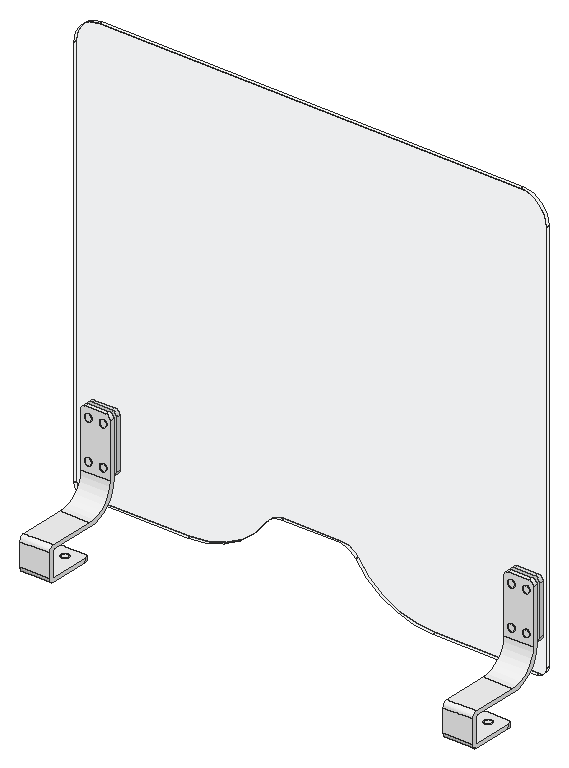
Revit family "Clarus_beShield_Clamp Legs_R19", category Furniture, host Face, Revit 2019
Family settings
  Host = Face
  Cut with Voids When Loaded = No
  Shared = No
  Room Calculation Point = No
Parameters (values of type "48" x 44"")
  Window [instance] = yes
  Width = 48"
  URL = "https://www.clarus.com/"
  TRC Standards [instance] = "http://therevitcollection.com/news/trc-news-the-revit-collection-standards-explained/"
  Shield [instance] = not(Window)  # no
  Product URL = "https://www.clarus.com/be-shield/"
  More Revit Families! [instance] = "www.therevitcollection.com"
  Modeled By = "Commense Studio"  # constant formula
  Model = "be! Shield"  # constant formula
  Manufacturer = "Clarus"  # constant formula
  Leg Finish [instance] = Clarus White
  Glass Depth = 3/8"
  Clarus Glass [instance] = Glass
  Description = "be! Shield is elegantly engineered to add a seamless layer of non-porous, antimicrobial tempered glass to ensure the health and safety of patrons and employees. It’s the perfect solution for the collaborative needs of your workspace."  # constant formula
  Height = 44"
  Designer = ""
  Depth = 12"  # constant formula
  Default Elevation = 0"
  Assembly Code = ""
Types (7): name | Width | Leg Finish | Height
  (no name) | 48" | Clarus White | 44"
  36" x 24" | 36" | Clarus Black | 24"
  48" x 24" | 48" | Clarus White | 24"
  36" x 34" | 36" | Clarus White | 34"
  48" x 34" | 48" | Clarus Black | 34"
  36" x 44" | 36" | Clarus Black | 44"
  48" x 44" | 48" | Clarus White | 44"
Reference planes (in)
  plane 1 "Center (Front/Back)": y = 0
  plane 2: z = 0
  plane 3 "Center (Left/Right)": x = 0
  plane 4 "L": x = -24
  plane 5 "R": x = 24
  plane 6 "B": y = 0.1875
  plane 7 "F": y = -0.1875
  plane 8: z = 44
  plane 9: x = 12.5
  plane 10: x = -12.5
  plane 11: z = 5.25
  plane 12: x = -21.5
  plane 13: x = 21.5
Forms (in)
  Extrusion 1, solid, material "Glass" <- "Clarus Glass", visible <- "Window"
    sketch origin (0, 0, 0) x (1, 0, 0) y (0, 0, 1)
      loop
        arc (-21.375, 44) -> (-23.23116, 43.23116) -> (-24, 41.375) r 2.625
        line (-24, 41.375) -> (-24, 1.25)
        arc (-24, 1.25) -> (-23.70711, 0.54289) -> (-23, 0.25) r 1
        line (-23, 0.25) -> (-12.42908, 0.25)
        arc (-12.42908, 0.25) -> (-7.99968, 1.34581) -> (-4.59213, 4.38043) r 9.5
        arc (-4.59213, 4.38043) -> (-3.87475, 5.0193) -> (-2.94225, 5.25) r 2
        line (-2.94225, 5.25) -> (2.94225, 5.25)
        arc (2.94225, 5.25) -> (3.87475, 5.0193) -> (4.59213, 4.38043) r 2
        arc (4.59213, 4.38043) -> (7.99968, 1.34581) -> (12.42908, 0.25) r 9.5
        line (12.42908, 0.25) -> (23, 0.25)
        arc (23, 0.25) -> (23.70711, 0.54289) -> (24, 1.25) r 1
        line (24, 1.25) -> (24, 41.375)
        arc (24, 41.375) -> (23.23116, 43.23116) -> (21.375, 44) r 2.625
        line (21.375, 44) -> (-21.375, 44)
    from -0.1875 to 0.1875
  Extrusion 2, solid, material "Glass" <- "Clarus Glass", visible <- "Shield"
    sketch origin (0, 0, 0) x (1, 0, 0) y (0, 0, 1)
      loop
        arc (-21.375, 44) -> (-23.23116, 43.23116) -> (-24, 41.375) r 2.625
        line (-24, 41.375) -> (-24, 1.25)
        arc (-24, 1.25) -> (-23.70711, 0.54289) -> (-23, 0.25) r 1
        line (-23, 0.25) -> (23, 0.25)
        arc (23, 0.25) -> (23.70711, 0.54289) -> (24, 1.25) r 1
        line (24, 1.25) -> (24, 41.375)
        arc (24, 41.375) -> (23.23116, 43.23116) -> (21.375, 44) r 2.625
        line (21.375, 44) -> (-21.375, 44)
    from -0.1875 to 0.1875
Dimensions and locks (in)
  equal spacing: plane 4 "L", plane 3 "Center (Left/Right)", plane 5 "R"
  "Width": plane 4 "L" to plane 5 "R"
  equal spacing: plane 7 "F", plane 1 "Center (Front/Back)", plane 6 "B"
  "Glass Depth": plane 7 "F" to plane 6 "B"
  "Height": plane 8 to level
  plane 10 to plane 3 "Center (Left/Right)" to plane 9 = 12 1/2", 12 1/2"
  plane 11 to level = 5 1/4"
  locked: plane 4 "L" to plane 12 at 2.5
  locked: plane 13 to plane 5 "R" at 2.5
  aligned and locked: plane 2 to host face
  aligned and locked: level to host face
  aligned and locked: Extrusion 1 sketch curve to plane 11
  aligned and locked: Extrusion 1 to plane 6 "B"
  aligned and locked: plane 7 "F" to Extrusion 1
  aligned and locked: nested 1 to plane 12
  aligned and locked: plane 13 to nested 2
  aligned and locked: plane 4 "L" to Extrusion 2 sketch curve
  aligned and locked: Extrusion 2 sketch curve to plane 5 "R"
  aligned and locked: Extrusion 2 sketch curve to plane 8
Automatic sketch dimensions
  host sketch curve to host sketch curve = 96"  (x2)
  Extrusion 1 sketch curve to plane 4 "L" = 0"
  Extrusion 1 sketch curve to plane 8 = 0"
  Extrusion 1 sketch curve to plane 5 "R" = 0"
  level to Extrusion 1 sketch curve = 1/4"  (x2)
  plane 4 "L" to Extrusion 1 sketch curve = 1"
  plane 4 "L" to Extrusion 1 sketch curve = 2 5/8"
  Extrusion 1 sketch curve to plane 3 "Center (Left/Right)" = 2.94225"
  plane 3 "Center (Left/Right)" to Extrusion 1 sketch curve = 2.94225"
  Extrusion 1 sketch curve to plane 9 = 0.07092"
  Extrusion 1 sketch curve to Extrusion 1 sketch curve = 2 5/8"
  Extrusion 1 sketch curve to plane 5 "R" = 1"
  Extrusion 1 sketch curve to plane 11 = 2"  (x2)
  plane 11 to Extrusion 1 sketch curve = 4 1/2"  (x2)
  Extrusion 1 sketch curve to plane 10 = 0.07092"
  level to Extrusion 2 sketch curve = 1/4"
  plane 4 "L" to Extrusion 2 sketch curve = 1"
  Extrusion 2 sketch curve to plane 12 = 1/8"
  Extrusion 2 sketch curve to plane 13 = 1/8"
  Extrusion 2 sketch curve to Extrusion 2 sketch curve = 1"
Nested families (in)
  nested 1: "Clarus_beShield_Clamp_R18" at (-21.5, 0.5625, 0), Core Finish <- "Leg Finish", type "Clamp"
    with TRC Standards "http://therevitcollection.com/news/trc-news-the-revit-collection-standards-explained/", More Revit Families! "www.therevitcollection.com", Core Finish Clarus White
  nested 2: "Clarus_beShield_Clamp_R18" at (21.5, 0.5625, 0), Core Finish <- "Leg Finish", type "Clamp"
    with TRC Standards "http://therevitcollection.com/news/trc-news-the-revit-collection-standards-explained/", More Revit Families! "www.therevitcollection.com", Core Finish Clarus White
Definition of nested family "Clarus_beShield_Clamp_R18"
  Parameters (values of type "Clamp")
    Width = 3"  # constant formula
    URL = "https://www.clarus.com/"
    TRC Standards [instance] = "http://therevitcollection.com/news/trc-news-the-revit-collection-standards-explained/"
    Product URL = "https://www.clarus.com/be-shield/"
    More Revit Families! [instance] = "www.therevitcollection.com"
    Modeled By = "Commense Studio"  # constant formula
    Model = "be! Shield"  # constant formula
    Manufacturer = "Clarus"  # constant formula
    Core Finish [instance] = none
    Description = "be! Shield Leg Configs"  # constant formula
    Height = 9"  # constant formula
    Designer = ""
    Depth = 8 7/8"  # constant formula
    Default Elevation = 0"
    Assembly Code = ""
  Reference planes (in)
    plane 1 "Center (Front/Back)": y = 0
    plane 2: z = 0
    plane 3 "Center (Left/Right)": x = 0
    plane 4 "L": x = -1.5
    plane 5 "R": x = 1.5
    plane 6 "F": y = -8.875
    plane 7: z = 9
    plane 8: y = -0.375
    plane 9: y = -0.75
    plane 10: y = -1.125
  Forms (in)
    Extrusion 1, solid
      sketch origin (0, 0, 0) x (1, 0, 0) y (0, 1, 0)
        loop
          line (-48, 48) -> (-48, -48) -> (48, -48) -> (48, 48) -> (-48, 48)
      from 0 to -12
    Extrusion 2, solid, material <- "Core Finish"
      sketch origin (10.61611, 0, 0) x (0, 0, 1) y (0, -1, 0)
        loop
          line (0.375, 3.75) -> (0.375, 8.375)
          arc (0.375, 8.375) -> (0.22855, 8.72855) -> (-0.125, 8.875) r 0.5
          line (-0.125, 8.875) -> (-2.475, 8.875)
          arc (-2.475, 8.875) -> (-2.82856, 8.72855) -> (-2.97501, 8.375) r 0.5
          line (-2.97501, 8.375) -> (-2.97501, 3.86516) -> (-2.6, 3.86516) -> (-2.6, 8.375)
          arc (-2.6, 8.375) -> (-2.56339, 8.46339) -> (-2.475, 8.5) r 0.125
          line (-2.475, 8.5) -> (-0.125, 8.5)
          arc (-0.125, 8.5) -> (-0.03661, 8.46339) -> (0, 8.375) r 0.125
          line (0, 8.375) -> (0, 3.75)
          arc (0, 3.75) -> (0.87868, 1.62868) -> (3, 0.75) r 3
          line (3, 0.75) -> (3, 1.125)
          arc (3, 1.125) -> (1.14385, 1.89384) -> (0.375, 3.75) r 2.625
      from -12.11611 to -9.11611
    Extrusion 3, solid, material <- "Core Finish"
      sketch origin (0, 0, 0) x (1, 0, 0) y (0, 0, 1)
        loop
          arc (-1, 9) -> (-1.35355, 8.85355) -> (-1.5, 8.5) r 0.5
          line (-1.5, 8.5) -> (-1.5, 3.50001)
          arc (-1.5, 3.50001) -> (-1.35355, 3.14645) -> (-1, 3.00001) r 0.5
          line (-1, 3.00001) -> (1, 3.00001)
          arc (1, 3.00001) -> (1.35355, 3.14645) -> (1.5, 3.50001) r 0.5
          line (1.5, 3.50001) -> (1.5, 8.5)
          arc (1.5, 8.5) -> (1.35355, 8.85355) -> (1, 9) r 0.5
          line (1, 9) -> (-1, 9)
      from 0 to 0.375
    Extrusion 4, solid, material <- "Core Finish"
      sketch origin (0, -0.75984, 0) x (1, 0, 0) y (0, 0, 1)
        loop
          arc (-1, 9) -> (-1.35355, 8.85355) -> (-1.5, 8.5) r 0.5
          line (-1.5, 8.5) -> (-1.5, 3.00001) -> (1.5, 3.00001) -> (1.5, 8.5)
          arc (1.5, 8.5) -> (1.35355, 8.85355) -> (1, 9) r 0.5
          line (1, 9) -> (-1, 9)
      from -0.00984 to 0.36516
    Extrusion 5, void
      sketch origin (0, 0, 0) x (1, 0, 0) y (0, 0, 1)
        loop
          circle (-0.75197, 8.00344) r 0.37503
        loop
          circle (-0.75197, 8.00344) r 0.34378
        loop
          circle (0.75197, 8.00344) r 0.37503
        loop
          circle (0.75197, 8.00344) r 0.34378
        loop
          circle (-0.75197, 4.00344) r 0.37503
        loop
          circle (-0.75197, 4.00344) r 0.34378
        loop
          circle (0.75197, 4.00344) r 0.37503
        loop
          circle (0.75197, 4.00344) r 0.34378
      from 0 to 2
    Extrusion 6, void
      sketch origin (0, 0, 0) x (1, 0, 0) y (0, 1, 0)
        loop
          line (-1, -3.86516) -> (-1.5, -3.86516) -> (-1.5, -4.36516)
          arc (-1.5, -4.36516) -> (-1.35355, -4.0116) -> (-1, -3.86516) r 0.5
        loop
          arc (1, -3.86516) -> (1.35355, -4.0116) -> (1.5, -4.36516) r 0.5
          line (1.5, -4.36516) -> (1.5, -3.86516) -> (1, -3.86516)
      from -3 to -2
    Extrusion 7, void
      sketch origin (0, 0.5, 0) x (1, 0, 0) y (0, 1, 0)
        loop
          circle (0, -5.5625) r 0.37503
        loop
          circle (0, -5.5625) r 0.3594
        loop
          circle (0, -8.0625) r 0.37503
        loop
          circle (0, -8.0625) r 0.3594
      from -2.97501 to -2
  Cuts and joins
    Extrusion 5, Extrusion 6, Extrusion 7 cuts Extrusion 2
    Extrusion 5, Extrusion 6, Extrusion 7 cuts Extrusion 4
    joined: Extrusion 2, Extrusion 4
    Extrusion 5 cuts Extrusion 3
  Dimensions and locks (in)
    equal spacing: plane 4 "L", plane 3 "Center (Left/Right)", plane 5 "R"
    "Width": plane 4 "L" to plane 5 "R"
    "Depth": plane 6 "F" to plane 1 "Center (Front/Back)"
    "Height": plane 7 to level
    plane 9 to plane 8 to plane 1 "Center (Front/Back)" = 3/8" locked, 3/8"
    plane 6 "F" to plane 1 "Center (Front/Back)" = 8 7/8"
    aligned and locked: plane 2 to Extrusion 1
    aligned and locked: level to Extrusion 1
    aligned and locked: Extrusion 2 to plane 4 "L"
    aligned and locked: plane 5 "R" to Extrusion 2
    aligned and locked: Extrusion 3 to plane 1 "Center (Front/Back)"
    aligned and locked: plane 8 to Extrusion 3
    aligned and locked: cut or joined group of Extrusion 2, Extrusion 4, Extrusion 5, Extrusion 6, Extrusion 7 to plane 9
    aligned and locked: plane 10 to cut or joined group of Extrusion 2, Extrusion 4, Extrusion 5, Extrusion 6, Extrusion 7
    aligned and locked: plane 8 to cut or joined group of Extrusion 3, Extrusion 5
    aligned and locked: cut or joined group of Extrusion 3, Extrusion 5 to plane 1 "Center (Front/Back)"
  Automatic sketch dimensions
    Extrusion 1 sketch curve to Extrusion 1 sketch curve = 96"  (x2)
    Extrusion 2 sketch curve to plane 6 "F" = 0"
    Extrusion 2 sketch curve to plane 6 "F" = 1/2"
    Extrusion 2 sketch curve to level = 2.97501"
    Extrusion 2 sketch curve to Extrusion 2 sketch curve = 3/8"  (x2)
    Extrusion 2 sketch curve to Extrusion 2 sketch curve = 0"  (x4)
    Extrusion 2 sketch curve to level = 1/8"  (x2)
    level to Extrusion 2 sketch curve = 0"
    Extrusion 2 sketch curve to Extrusion 2 sketch curve = 2 5/8"
    Extrusion 2 sketch curve to plane 9 = 3.11516"
    Extrusion 2 sketch curve to plane 9 = 3"
    Extrusion 2 sketch curve to plane 9 = 3/8"
    Extrusion 3 sketch curve to plane 4 "L" = 0"
    Extrusion 3 sketch curve to plane 7 = 0"
    Extrusion 3 sketch curve to plane 5 "R" = 0"
    plane 4 "L" to Extrusion 3 sketch curve = 1/2"  (x2)
    Extrusion 3 sketch curve to plane 5 "R" = 1/2"
    Extrusion 3 sketch curve to Extrusion 3 sketch curve = 1/2"
    level to Extrusion 3 sketch curve = 3 1/2"
    Extrusion 4 sketch curve to plane 4 "L" = 0"
    Extrusion 4 sketch curve to plane 7 = 0"
    Extrusion 4 sketch curve to plane 5 "R" = 0"
    plane 4 "L" to Extrusion 4 sketch curve = 1/2"
    Extrusion 4 sketch curve to plane 5 "R" = 1/2"
    level to Extrusion 4 sketch curve = 3"
    Extrusion 5 sketch curve to Extrusion 5 sketch curve = 0"  (x9)
    plane 4 "L" to Extrusion 5 sketch curve = 0.74803"  (x2)
    Extrusion 5 sketch curve to plane 5 "R" = 0.74803"  (x2)
    level to Extrusion 5 sketch curve = 4.00344"
    Extrusion 5 sketch curve to plane 7 = 0.99656"  (x2)
    Extrusion 6 sketch curve to plane 4 "L" = 0"  (x2)
    Extrusion 6 sketch curve to plane 5 "R" = 0"  (x2)
    plane 4 "L" to Extrusion 6 sketch curve = 1/2"
    Extrusion 6 sketch curve to plane 5 "R" = 1/2"
    Extrusion 6 sketch curve to plane 9 = 3.61516"
    Extrusion 6 sketch curve to Extrusion 6 sketch curve = 0"  (x5)
    Extrusion 7 sketch curve to Extrusion 7 sketch curve = 0"  (x4)
    Extrusion 7 sketch curve to plane 3 "Center (Left/Right)" = 0"  (x2)
    Extrusion 7 sketch curve to plane 6 "F" = 1 5/16"
    Extrusion 7 sketch curve to Extrusion 7 sketch curve = 2 1/2"
    radius of Extrusion 5 sketch curve = 0.37503"  (x4)
    radius of Extrusion 5 sketch curve = 0.34378"  (x4)
    radius of Extrusion 7 sketch curve = 0.37503"  (x2)
    radius of Extrusion 7 sketch curve = 0.3594"  (x2)
